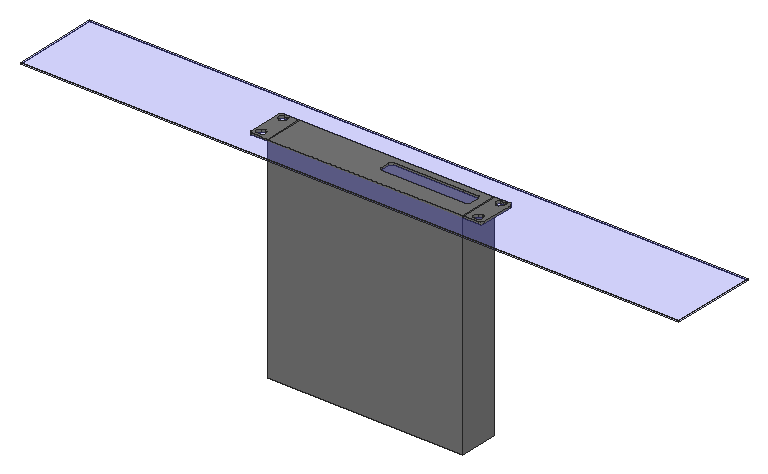
Revit family "QSC SPA4-60 Amplifier Front Facing Rackmount", category Generic Models, host Face, Revit 2014
Parameters (values of type "SPA4-60 @ 100VAC")
  Width = 8.663"  # constant formula
  Weight Product (lb) = 4  # constant formula
  Weight Product (kg) = 1.4  # constant formula
  Weight Dimensional (lb) = 6.5  # constant formula
  Weight Dimensional (kg) = 2.5  # constant formula
  Voltage AC = "100-240 at 50-60 Hz"  # constant formula
  URL = "http://qsc.com/products/Power_Amplifiers/Spa_Series/SPA4-60/"
  Sustainability Rating = "Energy Star"  # constant formula
  Show Right Ear Short [instance] = yes
  Show Right Ear Long [instance] = no
  Show Left Ear Short [instance] = yes
  Show Left Ear Long [instance] = no
  Regulatory Compliance = "UL, CE, RoHS/WEEE, FCC Class B"  # constant formula
  Product Page URL = "http://qsc.com/products/Power_Amplifiers/Spa_Series/SPA4-60/\r\n\r\n\r\n."
  Product Documentation Link = "http://qsc.com/files/8714/4192/0733/SPA_Series_Specsheet_English.pdf"
  Power Standby = 24  # constant formula
  Power Peak = 170
  Power Active = 130
  Model = "SPA4-60"
  Manufacturer URL = "http://www.qscaudio.com"
  Manufacturer = "QSC Audio Products, LLC"  # constant formula
  Height = 1.730"  # constant formula
  Heat Load Standby = 33  # constant formula
  Heat Load Active = 103  # constant formula
  Face Depth = 0.0788"
  Description = "4 Channel 60 Watt/Channel Amplfier"
  Depth = 9.48819"  # constant formula
  Default Elevation = 0.000"
  Current Draw = 1.7
  Enclosure Material [instance] = Dark Gray Finish
  Amp Only Width = 8.663"  # constant formula
Types (4): name | Power Peak | Power Active | Current Draw
  (no name) | 170 | 130 | 1.7
  SPA4-60 @ 100VAC | 170 | 130 | 1.7
  SPA4-60 @ 120VAC | 180 | 132 | 1.5
  SPA4-60 @ 230VAC | 184 | 184 | 0.8
Reference planes (in)
  plane 1 "Center (Front/Back)": y = 0
  plane 2: z = 0
  plane 3 "Center (Left/Right)": x = 0
  plane 4 "Left": x = -4.3315
  plane 5 "Right": x = 4.3315
  plane 6 "Top": y = 0.865
  plane 7 "Bottom": y = -0.865
  plane 8 "Back": z = -9.40939
  plane 9 "Right Extend Ear": x = 13.8135
  plane 10 "Left Extend Ear": x = -13.8135
  plane 11 "Left Short Ear": x = -5.1529
  plane 12 "Right Short Ear": x = 5.1529
  plane 13 "Front": z = 0.0788
Forms (in)
  Extrusion 1, solid, material "Glass"
    sketch origin (0, 0, 0) x (1, 0, 0) y (0, 1, 0)
      loop
        line (-14.5, 1.9685) -> (-14.5, -1.88975) -> (14.73031, -1.88975) -> (14.73031, 1.9685) -> (-14.5, 1.9685)
    from 0 to -0.079
  Extrusion 2, solid, material "Dark Gray Finish" <- "Enclosure Material"
    sketch origin (0, -0.865, 0) x (-1, 0, 0) y (0, 0, 1)
      loop
        line (4.3315, 0.0788) -> (-4.3315, 0.0788) -> (-4.3315, -9.40939) -> (4.3315, -9.40939) -> (4.3315, 0.0788)
    from 0 to 1.73 <- "Height"
  Extrusion 3, void
    sketch origin (0, 0, -9.40939) x (-1, 0, 0) y (0, -1, 0)
      loop
        line (-4.13103, -0.64625) -> (-3.52079, -0.64625) -> (-3.52079, -0.33317) -> (-4.13103, -0.33317) -> (-4.13103, -0.64625)
      loop
        line (-2.87118, -0.33317) -> (-3.48142, -0.33317) -> (-3.48142, -0.64625) -> (-2.87118, -0.64625) -> (-2.87118, -0.33317)
      loop
        line (-2.73547, -0.40133) -> (-2.73547, -0.63567) -> (-2.47484, -0.63567) -> (-2.47484, -0.40133) -> (-2.73547, -0.40133)
      loop
        line (-1.98744, -0.63567) -> (-1.98744, -0.40133) -> (-2.43547, -0.40133) -> (-2.43547, -0.63567) -> (-1.98744, -0.63567)
      loop
        line (-1.8585, -0.40133) -> (-1.8585, -0.63567) -> (-1.50417, -0.63567) -> (-1.50417, -0.40133) -> (-1.8585, -0.40133)
      loop
        line (-1.11047, -0.63567) -> (-1.11047, -0.40133) -> (-1.4648, -0.40133) -> (-1.4648, -0.63567) -> (-1.11047, -0.63567)
      loop
        line (2.83544, -0.39444) -> (3.58439, -0.39444)
        arc (3.58439, -0.39444) -> (3.66726, -0.36012) -> (3.70158, -0.27725) r 0.11719
        line (3.70158, -0.27725) -> (3.70158, 0.04564)
        arc (3.70158, 0.04564) -> (3.69563, 0.07554) -> (3.6787, 0.10088) r 0.07813
        line (3.6787, 0.10088) -> (3.52761, 0.25197)
        arc (3.52761, 0.25197) -> (3.50227, 0.26891) -> (3.47237, 0.27485) r 0.07813
        line (3.47237, 0.27485) -> (2.94654, 0.27485)
        arc (2.94654, 0.27485) -> (2.91664, 0.26891) -> (2.89129, 0.25197) r 0.07813
        line (2.89129, 0.25197) -> (2.74021, 0.10088)
        arc (2.74021, 0.10088) -> (2.72327, 0.07554) -> (2.71733, 0.04564) r 0.07813
        line (2.71733, 0.04564) -> (2.71733, -0.27633)
        arc (2.71733, -0.27633) -> (2.75192, -0.35985) -> (2.83544, -0.39444) r 0.11811
      loop
        line (-2.73547, -0.10133) -> (-2.73547, -0.33567) -> (-2.47484, -0.33567) -> (-2.47484, -0.10133) -> (-2.73547, -0.10133)
      loop
        line (-1.98744, -0.33567) -> (-1.98744, -0.10133) -> (-2.43547, -0.10133) -> (-2.43547, -0.33567) -> (-1.98744, -0.33567)
      loop
        line (-1.8585, -0.10133) -> (-1.8585, -0.33567) -> (-1.50417, -0.33567) -> (-1.50417, -0.10133) -> (-1.8585, -0.10133)
      loop
        line (-1.11047, -0.33567) -> (-1.11047, -0.10133) -> (-1.4648, -0.10133) -> (-1.4648, -0.33567) -> (-1.11047, -0.33567)
      loop
        line (-4.13103, 0.35375) -> (-3.52079, 0.35375) -> (-3.52079, 0.66683) -> (-4.13103, 0.66683) -> (-4.13103, 0.35375)
      loop
        line (-2.87118, 0.66683) -> (-3.48142, 0.66683) -> (-3.48142, 0.35375) -> (-2.87118, 0.35375) -> (-2.87118, 0.66683)
    from 0 to 0.19685
  Extrusion 4, void
    sketch origin (-16.617, -180, 0.0788) x (0, -1, 0) y (-1, 0, 0)
      loop
        line (-180.55192, -16.7645) -> (-180.55192, -20.46917)
        arc (-180.55192, -20.46917) -> (-180.50615, -20.57966) -> (-180.39567, -20.62542) r 0.15625
        line (-180.39567, -20.62542) -> (-180.03888, -20.62542)
        arc (-180.03888, -20.62542) -> (-179.92839, -20.57966) -> (-179.88263, -20.46917) r 0.15625
        line (-179.88263, -20.46917) -> (-179.88263, -16.7645)
        arc (-179.88263, -16.7645) -> (-179.92839, -16.65402) -> (-180.03888, -16.60825) r 0.15625
        line (-180.03888, -16.60825) -> (-180.39567, -16.60825)
        arc (-180.39567, -16.60825) -> (-180.50615, -16.65402) -> (-180.55192, -16.7645) r 0.15625
    from 0 to 0.079
  Extrusion 5, solid, material "Dark Gray Finish" <- "Enclosure Material", visible <- "Show Left Ear Short"
    sketch origin (0, 0, 0) x (1, 0, 0) y (0, 1, 0)
      loop
        arc (-5.02784, 0.865) -> (-5.11623, 0.82839) -> (-5.1529, 0.74) r 0.125
        line (-5.1529, 0.74) -> (-5.15284, -0.74)
        arc (-5.15284, -0.74) -> (-5.11623, -0.82839) -> (-5.02784, -0.865) r 0.125
        line (-5.02784, -0.865) -> (-4.3315, -0.865) -> (-4.3315, 0.865) -> (-5.02784, 0.865)
      loop
        line (-4.7552, 0.76559) -> (-4.893, 0.76559)
        arc (-4.893, 0.76559) -> (-5.0266, 0.64002) -> (-4.90953, 0.4989) r 0.13386
        arc (-4.90953, 0.4989) -> (-4.8241, 0.41343) -> (-4.73867, 0.4989) r 0.08543
        arc (-4.73867, 0.4989) -> (-4.6216, 0.64002) -> (-4.7552, 0.76559) r 0.13386
      loop
        arc (-4.7552, -0.75213) -> (-4.6216, -0.62655) -> (-4.73867, -0.48543) r 0.13386
        arc (-4.73867, -0.48543) -> (-4.8241, -0.39996) -> (-4.90953, -0.48543) r 0.08543
        arc (-4.90953, -0.48543) -> (-5.0266, -0.62655) -> (-4.893, -0.75213) r 0.13386
        line (-4.893, -0.75213) -> (-4.7552, -0.75213)
    from 0 to 0.0788 <- "Face Depth"
  Extrusion 6, solid, material "Dark Gray Finish" <- "Enclosure Material", visible <- "Show Right Ear Short"
    sketch origin (0, 0, 0) x (-1, 0, 0) y (0, -1, 0)
      loop
        line (-5.02784, -0.865) -> (-4.3315, -0.865) -> (-4.3315, 0.865) -> (-5.02784, 0.865)
        arc (-5.02784, 0.865) -> (-5.11623, 0.82839) -> (-5.15284, 0.74) r 0.125
        line (-5.15284, 0.74) -> (-5.1529, -0.74)
        arc (-5.1529, -0.74) -> (-5.11623, -0.82839) -> (-5.02784, -0.865) r 0.125
      loop
        arc (-4.7552, -0.76559) -> (-4.6216, -0.64002) -> (-4.73867, -0.4989) r 0.13386
        arc (-4.73867, -0.4989) -> (-4.8241, -0.41343) -> (-4.90953, -0.4989) r 0.08543
        arc (-4.90953, -0.4989) -> (-5.0266, -0.64002) -> (-4.893, -0.76559) r 0.13386
        line (-4.893, -0.76559) -> (-4.7552, -0.76559)
      loop
        line (-4.7552, 0.75213) -> (-4.893, 0.75213)
        arc (-4.893, 0.75213) -> (-5.0266, 0.62655) -> (-4.90953, 0.48543) r 0.13386
        arc (-4.90953, 0.48543) -> (-4.8241, 0.39996) -> (-4.73867, 0.48543) r 0.08543
        arc (-4.73867, 0.48543) -> (-4.6216, 0.62655) -> (-4.7552, 0.75213) r 0.13386
    from 0 to 0.0788 <- "Face Depth"
  Extrusion 7, solid, material "Dark Gray Finish" <- "Enclosure Material", visible <- "Show Right Ear Long"
    sketch origin (0, 0, 0) x (-1, 0, 0) y (0, -1, 0)
      loop
        arc (-13.55582, -0.49787) -> (-13.68968, -0.63173) -> (-13.55582, -0.76559) r 0.13386
        line (-13.55582, -0.76559) -> (-13.41803, -0.76559)
        arc (-13.41803, -0.76559) -> (-13.28417, -0.63173) -> (-13.41803, -0.49787) r 0.13386
        line (-13.41803, -0.49787) -> (-13.55582, -0.49787)
      loop
        arc (-13.55582, 0.75213) -> (-13.68968, 0.61827) -> (-13.55582, 0.48441) r 0.13386
        line (-13.55582, 0.48441) -> (-13.41803, 0.48441)
        arc (-13.41803, 0.48441) -> (-13.28417, 0.61827) -> (-13.41803, 0.75213) r 0.13386
        line (-13.41803, 0.75213) -> (-13.55582, 0.75213)
      loop
        line (-13.8135, 0.74) -> (-13.8135, -0.74)
        arc (-13.8135, -0.74) -> (-13.77689, -0.82839) -> (-13.6885, -0.865) r 0.125
        line (-13.6885, -0.865) -> (-4.3315, -0.865) -> (-4.3315, 0.865) -> (-13.6885, 0.865)
        arc (-13.6885, 0.865) -> (-13.77689, 0.82839) -> (-13.8135, 0.74) r 0.125
    from 0 to 0.0788 <- "Face Depth"
  Extrusion 8, solid, material "Dark Gray Finish" <- "Enclosure Material", visible <- "Show Left Ear Long"
    sketch origin (0, 0, 0) x (1, 0, 0) y (0, 1, 0)
      loop
        line (-13.55582, 0.49787) -> (-13.41803, 0.49787)
        arc (-13.41803, 0.49787) -> (-13.28417, 0.63173) -> (-13.41803, 0.76559) r 0.13386
        line (-13.41803, 0.76559) -> (-13.55582, 0.76559)
        arc (-13.55582, 0.76559) -> (-13.68968, 0.63173) -> (-13.55582, 0.49787) r 0.13386
      loop
        line (-13.55582, -0.75213) -> (-13.41803, -0.75213)
        arc (-13.41803, -0.75213) -> (-13.28417, -0.61827) -> (-13.41803, -0.48441) r 0.13386
        line (-13.41803, -0.48441) -> (-13.55582, -0.48441)
        arc (-13.55582, -0.48441) -> (-13.68968, -0.61827) -> (-13.55582, -0.75213) r 0.13386
      loop
        arc (-13.8135, -0.74) -> (-13.77689, -0.82839) -> (-13.6885, -0.865) r 0.125
        line (-13.6885, -0.865) -> (-4.3315, -0.865) -> (-4.3315, 0.865) -> (-13.6885, 0.865)
        arc (-13.6885, 0.865) -> (-13.77689, 0.82839) -> (-13.8135, 0.74) r 0.125
        line (-13.8135, 0.74) -> (-13.8135, -0.74)
    from 0 to 0.0788 <- "Face Depth"
Cuts and joins
  Extrusion 3, Extrusion 4 cuts Extrusion 2
Lines and regions (in)
  model lines, style "GenericModel", not visible, detail levels fine
    curve 1: line (13.55599, -1.01274, 0.03125) -> (13.46873, -0.89778, 0.03125)
    curve 2: line (13.46873, -0.89778, 0.03125) -> (13.55599, -1.01274, 0.03125)
    curve 3: line (13.15237, -0.99839, 0.03125) -> (13.18534, -0.8798, 0.03125)
    curve 4: line (13.18534, -0.8798, 0.03125) -> (13.15237, -0.99839, 0.03125)
    curve 5: line (13.20744, -1.07691, 0.03125) -> (13.18283, -0.85745, 0.03125)
    curve 6: line (13.18283, -0.85745, 0.03125) -> (13.20744, -1.07691, 0.03125)
    curve 7: line (13.67283, -0.92336, 0.03125) -> (13.75064, -0.98053, 0.03125)
    curve 8: line (13.75064, -0.98053, 0.03125) -> (13.67283, -0.92336, 0.03125)
    curve 25: line (-3.35339, 0.42119, 0) -> (-3.44988, 0.54832, 0)
    curve 26: line (-3.44988, 0.54832, 0) -> (-3.35339, 0.42119, 0)
    curve 27: line (-3.7997, 0.43707, 0) -> (-3.76325, 0.5682, 0)
    curve 28: line (-3.76325, 0.5682, 0) -> (-3.7997, 0.43707, 0)
    curve 29: line (-3.73881, 0.35024, 0) -> (-3.76602, 0.59291, 0)
    curve 30: line (-3.76602, 0.59291, 0) -> (-3.73881, 0.35024, 0)
    curve 31: line (-3.22419, 0.52002, 0) -> (-3.13815, 0.45681, 0)
    curve 32: line (-3.13815, 0.45681, 0) -> (-3.22419, 0.52002, 0)
    curve 45: line (-3.35339, 0.42119, 0.0788) -> (-3.44988, 0.54832, 0.0788)
    curve 46: line (-3.44988, 0.54832, 0.0788) -> (-3.35339, 0.42119, 0.0788)
    curve 47: line (-3.7997, 0.43707, 0.0788) -> (-3.76325, 0.5682, 0.0788)
    curve 48: line (-3.76325, 0.5682, 0.0788) -> (-3.7997, 0.43707, 0.0788)
    curve 49: line (-3.73881, 0.35024, 0.0788) -> (-3.76602, 0.59291, 0.0788)
    curve 50: line (-3.76602, 0.59291, 0.0788) -> (-3.73881, 0.35024, 0.0788)
    curve 51: line (-3.22419, 0.52002, 0.0788) -> (-3.13815, 0.45681, 0.0788)
    curve 52: line (-3.13815, 0.45681, 0.0788) -> (-3.22419, 0.52002, 0.0788)
  model lines, not visible
    curve 9: arc (-4.09496, -0.0625, 1.79211) -> (-3.79966, 0.2328, 1.79211) -> (-3.50436, -0.0625, 1.79211) r 0.2953
    curve 10: arc (-3.50436, -0.0625, 1.79211) -> (-3.79966, -0.3578, 1.79211) -> (-4.09496, -0.0625, 1.79211) r 0.2953
    curve 11: arc (2.90932, 0.1875, 1.79211) -> (3.51952, 0.7977, 1.79211) -> (4.12972, 0.1875, 1.79211) r 0.6102
    curve 12: arc (4.12972, 0.1875, 1.79211) -> (3.51952, -0.4227, 1.79211) -> (2.90932, 0.1875, 1.79211) r 0.6102
    curve 13: line (2.1373, 0.9632, 1.79211) -> (2.1373, -0.8138, 1.79211)
    curve 14: line (2.1373, -0.8138, 1.79211) -> (-0.6525, -0.8138, 1.79211)
    curve 15: line (-0.6525, -0.8138, 1.79211) -> (-0.6525, 0.9632, 1.79211)
    curve 16: line (-0.6525, 0.9632, 1.79211) -> (2.1373, 0.9632, 1.79211)
    curve 37: line (-0.04, 0.55192, 0) -> (3.97575, 0.55192, 0)
    curve 38: line (-0.04, -0.11737, 0) -> (-0.04, 0.55192, 0)
    curve 39: line (3.97575, -0.11737, 0) -> (-0.04, -0.11737, 0)
    curve 40: line (3.97575, 0.55192, 0) -> (3.97575, -0.11737, 0)
  model lines, style "GenericModel", detail levels fine
    curve 17: line (-3.29089, 0.35869, 0.0788) -> (-3.38738, 0.48582, 0.0788)
    curve 18: line (-3.38738, 0.48582, 0.0788) -> (-3.29089, 0.35869, 0.0788)
    curve 19: line (-3.7372, 0.37457, 0.0788) -> (-3.70075, 0.5057, 0.0788)
    curve 20: line (-3.70075, 0.5057, 0.0788) -> (-3.7372, 0.37457, 0.0788)
    curve 21: line (-3.67631, 0.28774, 0.0788) -> (-3.70352, 0.53041, 0.0788)
    curve 22: line (-3.70352, 0.53041, 0.0788) -> (-3.67631, 0.28774, 0.0788)
    curve 23: line (-3.16169, 0.45752, 0.0788) -> (-3.07565, 0.39431, 0.0788)
    curve 24: line (-3.07565, 0.39431, 0.0788) -> (-3.16169, 0.45752, 0.0788)
  model lines
    curve 33: line (0.1475, 0.55192, 0) -> (3.85217, 0.55192, 0)
    curve 34: line (-0.00875, 0.03888, 0) -> (-0.00875, 0.39567, 0)
    curve 35: line (3.85217, -0.11737, 0) -> (0.1475, -0.11737, 0)
    curve 36: line (4.00842, 0.39567, 0) -> (4.00842, 0.03888, 0)
    curve 41: arc (-0.00875, 0.39567, 0) -> (0.03701, 0.50615, 0) -> (0.1475, 0.55192, 0) r 0.15625
    curve 42: arc (-0.00875, 0.03888, 0) -> (0.03701, -0.07161, 0) -> (0.1475, -0.11737, 0) r 0.15625
    curve 43: arc (3.85217, -0.11737, 0) -> (3.96265, -0.07161, 0) -> (4.00842, 0.03888, 0) r 0.15625
    curve 44: arc (4.00842, 0.39567, 0) -> (3.96265, 0.50615, 0) -> (3.85217, 0.55192, 0) r 0.15625
Dimensions and locks (in)
  equal spacing: plane 6 "Top", plane 1 "Center (Front/Back)", plane 7 "Bottom"
  "Height": plane 6 "Top" to plane 7 "Bottom"
  equal spacing: plane 4 "Left", plane 3 "Center (Left/Right)", plane 5 "Right"
  "Width": plane 4 "Left" to plane 5 "Right"
  plane 4 "Left" to plane 5 "Right" = 8.663"
  plane 5 "Right" to plane 9 "Right Extend Ear" = 9.482"
  plane 10 "Left Extend Ear" to plane 4 "Left" = 9.482"
  plane 11 "Left Short Ear" to plane 4 "Left" = 0.8214"
  plane 5 "Right" to plane 12 "Right Short Ear" = 0.8214"
  "Face Depth": plane 13 "Front" to plane 2
  "Depth": plane 13 "Front" to plane 8 "Back"
  aligned and locked: plane 2 to Extrusion 1
  aligned and locked: level to Extrusion 1
  aligned and locked: plane 4 "Left" to Extrusion 2 sketch curve
  aligned and locked: plane 8 "Back" to Extrusion 2 sketch curve
  aligned and locked: Extrusion 2 sketch curve to plane 5 "Right"
  aligned and locked: Extrusion 2 sketch curve to plane 13 "Front"
  aligned and locked: Extrusion 5 sketch curve to plane 6 "Top"
  aligned and locked: plane 11 "Left Short Ear" to Extrusion 5 sketch curve
  aligned and locked: cut or joined group of Extrusion 2, Extrusion 3, Extrusion 4 to Extrusion 5 sketch curve
  aligned and locked: Extrusion 5 sketch curve to cut or joined group of Extrusion 2, Extrusion 3, Extrusion 4
  aligned and locked: cut or joined group of Extrusion 2, Extrusion 3, Extrusion 4 to Extrusion 7 sketch curve
  aligned and locked: plane 9 "Right Extend Ear" to Extrusion 7 sketch curve
  aligned and locked: Extrusion 7 sketch curve to plane 7 "Bottom"
  aligned and locked: Extrusion 7 sketch curve to plane 6 "Top"
Automatic sketch dimensions
  curve 34 to curve 34 = 0.35679"
  curve 35 to curve 35 = 3.70467"
  curve 36 to curve 36 = 0.35679"  (x2)
  curve 34 to curve 35 = 3.86408"
  curve 35 to curve 33 = 0.66929"
  curve 23 to curve 24 = 0.000"  (x4)
  curve 24 to curve 23 = 0.10677"
  curve 18 to curve 23 = 0.16267"
  curve 17 to curve 18 = 0.000"  (x5)
  curve 17 to curve 18 = 0.15959"
  curve 18 to curve 17 = 0.000"  (x3)
  curve 21 to curve 17 = 0.35031"
  curve 22 to curve 21 = 0.000"  (x4)
  curve 20 to curve 21 = 0.21933"
  curve 19 to curve 20 = 0.000"  (x4)
  curve 22 to curve 19 = 0.02487"
  curve 21 to curve 22 = 0.000"  (x4)
  curve 19 to curve 21 = 0.10605"
  curve 20 to curve 19 = 0.000"  (x2)
  curve 22 to curve 18 = 0.3919"
  curve 21 to curve 20 = 0.10605"
  curve 17 to curve 23 = 0.21817"
  curve 24 to curve 23 = 0.000"  (x4)
  curve 23 to curve 24 = 0.10677"
  curve 18 to curve 17 = 0.15959"
  curve 20 to curve 20 = 0.13611"
  curve 24 to curve 33 = 3.227"
  curve 22 to curve 33 = 3.83293"
  curve 38 to curve 39 = 4.01575"
  curve 39 to curve 37 = 0.66929"
  curve 31 to curve 32 = 0.000"  (x3)
  curve 32 to curve 31 = 0.08604"
  curve 26 to curve 31 = 0.1292"
  curve 25 to curve 26 = 0.000"  (x2)
  curve 25 to curve 26 = 0.09649"
  curve 26 to curve 25 = 0.000"  (x2)
  curve 29 to curve 25 = 0.28894"
  curve 30 to curve 29 = 0.000"  (x2)
  curve 28 to curve 29 = 0.02444"
  curve 27 to curve 28 = 0.000"  (x2)
  curve 30 to curve 27 = 0.00277"
  curve 29 to curve 30 = 0.000"  (x2)
  curve 27 to curve 29 = 0.06089"
  curve 28 to curve 27 = 0.000"
  curve 30 to curve 26 = 0.07095"
  curve 29 to curve 28 = 0.08683"
  curve 25 to curve 31 = 0.03562"
  curve 32 to curve 31 = 0.000"
  curve 31 to curve 32 = 0.06321"
  curve 26 to curve 25 = 0.12712"
  curve 28 to curve 28 = 0.13113"
  curve 32 to curve 37 = 3.09814"
  curve 30 to curve 37 = 0.20168"
  curve 23 to curve 23 = 0.08604"
  curve 23 to curve 18 = 0.1292"
  curve 17 to curve 17 = 0.09649"
  curve 17 to curve 22 = 0.28894"
  curve 21 to curve 20 = 0.02444"
  curve 19 to curve 21 = 0.00277"
  curve 21 to curve 20 = 0.06089"
  curve 21 to curve 20 = 0.02471"
  curve 19 to curve 18 = 0.01989"
  curve 17 to curve 23 = 0.02829"
  curve 24 to curve 23 = 0.06321"
  curve 17 to curve 18 = 0.12712"
  curve 19 to curve 21 = 0.08683"
  curve 51 to curve 52 = 0.000"
  curve 51 to curve 51 = 0.08604"
  curve 52 to curve 51 = 0.000"  (x3)
  curve 51 to curve 46 = 0.1292"
  curve 45 to curve 46 = 0.000"  (x3)
  curve 45 to curve 45 = 0.09649"
  curve 46 to curve 45 = 0.000"
  curve 45 to curve 50 = 0.28894"
  curve 49 to curve 50 = 0.000"  (x2)
  curve 49 to curve 48 = 0.02444"
  curve 47 to curve 48 = 0.000"  (x2)
  curve 47 to curve 49 = 0.00277"
  curve 50 to curve 49 = 0.000"  (x2)
  curve 49 to curve 48 = 0.06089"
  curve 49 to curve 48 = 0.02471"
  curve 47 to curve 46 = 0.01989"
  curve 45 to curve 51 = 0.02829"
  curve 52 to curve 51 = 0.06321"
  curve 48 to curve 47 = 0.000"
  curve 45 to curve 46 = 0.12712"
  curve 47 to curve 49 = 0.08683"
  curve 34 to plane 3 "Center (Left/Right)" = 0.00875"
  plane 3 "Center (Left/Right)" to curve 35 = 0.1475"
  plane 3 "Center (Left/Right)" to curve 41 = 0.1475"
  curve 44 to plane 5 "Right" = 0.47933"
  plane 1 "Center (Front/Back)" to curve 35 = 0.11737"
  curve 35 to plane 5 "Right" = 0.47933"
  curve 44 to curve 36 = 0.15625"
  Extrusion 1 sketch curve to Extrusion 1 sketch curve = 29.23031"
  Extrusion 1 sketch curve to Extrusion 1 sketch curve = 3.85825"
  Extrusion 3 sketch curve to plane 5 "Right" = 0.20047"  (x2)
  Extrusion 3 sketch curve to plane 6 "Top" = 0.21875"  (x2)
  Extrusion 3 sketch curve to Extrusion 3 sketch curve = 0.61024"  (x4)
  plane 7 "Bottom" to Extrusion 3 sketch curve = 0.19817"  (x2)
  Extrusion 3 sketch curve to Extrusion 3 sketch curve = 0.03937"  (x6)
  Extrusion 3 sketch curve to Extrusion 3 sketch curve = 0.13571"  (x2)
  Extrusion 3 sketch curve to plane 1 "Center (Front/Back)" = 0.10133"  (x3)
  Extrusion 3 sketch curve to Extrusion 3 sketch curve = 0.26063"
  Extrusion 3 sketch curve to Extrusion 3 sketch curve = 0.000"  (x9)
  Extrusion 3 sketch curve to Extrusion 3 sketch curve = 0.44803"
  Extrusion 3 sketch curve to Extrusion 3 sketch curve = 0.12894"
  Extrusion 3 sketch curve to Extrusion 3 sketch curve = 0.35433"  (x2)
  Extrusion 3 sketch curve to plane 1 "Center (Front/Back)" = 0.27633"
  plane 4 "Left" to Extrusion 3 sketch curve = 1.61417"
  plane 1 "Center (Front/Back)" to Extrusion 3 sketch curve = 0.10088"  (x2)
  Extrusion 3 sketch curve to Extrusion 3 sketch curve = 0.02288"
  plane 1 "Center (Front/Back)" to Extrusion 3 sketch curve = 0.04564"  (x2)
  Extrusion 3 sketch curve to Extrusion 3 sketch curve = 0.11811"
  plane 1 "Center (Front/Back)" to Extrusion 3 sketch curve = 0.25197"  (x2)
  Extrusion 3 sketch curve to Extrusion 3 sketch curve = 0.15109"  (x2)
  Extrusion 3 sketch curve to Extrusion 3 sketch curve = 0.05524"  (x4)
  Extrusion 3 sketch curve to Extrusion 3 sketch curve = 0.52583"
  Extrusion 3 sketch curve to Extrusion 3 sketch curve = 0.11202"
  Extrusion 3 sketch curve to plane 6 "Top" = 0.22933"  (x2)
  Extrusion 3 sketch curve to Extrusion 3 sketch curve = 0.23434"  (x3)
  Extrusion 3 sketch curve to Extrusion 3 sketch curve = 0.06566"  (x4)
  Extrusion 3 sketch curve to Extrusion 3 sketch curve = 0.31308"  (x3)
  Extrusion 3 sketch curve to Extrusion 3 sketch curve = 0.0025"
  Extrusion 4 sketch curve to plane 6 "Top" = 0.31308"
  Extrusion 4 sketch curve to Extrusion 4 sketch curve = 0.15625"  (x2)
  Extrusion 4 sketch curve to plane 1 "Center (Front/Back)" = 0.03888"  (x2)
  plane 1 "Center (Front/Back)" to Extrusion 4 sketch curve = 0.11737"
  Extrusion 4 sketch curve to plane 3 "Center (Left/Right)" = 0.00875"
  Extrusion 4 sketch curve to plane 5 "Right" = 0.47933"
  plane 11 "Left Short Ear" to Extrusion 5 sketch curve = 0.12506"  (x2)
  Extrusion 5 sketch curve to Extrusion 5 sketch curve = 0.13484"  (x2)
  Extrusion 5 sketch curve to Extrusion 5 sketch curve = 0.0689"  (x2)
  Extrusion 5 sketch curve to Extrusion 5 sketch curve = 0.1378"  (x2)
  plane 7 "Bottom" to Extrusion 5 sketch curve = 0.11287"
  plane 7 "Bottom" to Extrusion 5 sketch curve = 0.125"
  Extrusion 5 sketch curve to Extrusion 5 sketch curve = 0.13386"  (x2)
  Extrusion 5 sketch curve to Extrusion 5 sketch curve = 0.13287"  (x2)
  Extrusion 5 sketch curve to plane 6 "Top" = 0.36614"
  Extrusion 5 sketch curve to Extrusion 5 sketch curve = 0.000"  (x3)
  Extrusion 5 sketch curve to Extrusion 5 sketch curve = 0.125"
  Extrusion 5 sketch curve to plane 6 "Top" = 0.09941"
  Extrusion 5 sketch curve to Extrusion 5 sketch curve = 0.08543"  (x2)
  Extrusion 6 sketch curve to plane 12 "Right Short Ear" = 0.000"
  Extrusion 6 sketch curve to plane 7 "Bottom" = 0.000"
  Extrusion 6 sketch curve to plane 6 "Top" = 0.000"
  Extrusion 6 sketch curve to plane 5 "Right" = 0.000"
  plane 12 "Right Short Ear" to Extrusion 6 sketch curve = 0.12506"  (x2)
  Extrusion 6 sketch curve to Extrusion 6 sketch curve = 0.13484"  (x2)
  Extrusion 6 sketch curve to Extrusion 6 sketch curve = 0.0689"  (x2)
  Extrusion 6 sketch curve to Extrusion 6 sketch curve = 0.1378"  (x2)
  Extrusion 6 sketch curve to plane 7 "Bottom" = 0.11287"
  Extrusion 6 sketch curve to Extrusion 6 sketch curve = 0.125"
  Extrusion 6 sketch curve to Extrusion 6 sketch curve = 0.13386"  (x2)
  Extrusion 6 sketch curve to Extrusion 6 sketch curve = 0.13287"  (x2)
  plane 6 "Top" to Extrusion 6 sketch curve = 0.36614"
  Extrusion 6 sketch curve to Extrusion 6 sketch curve = 0.000"  (x3)
  plane 6 "Top" to Extrusion 6 sketch curve = 0.125"
  plane 6 "Top" to Extrusion 6 sketch curve = 0.09941"
  Extrusion 6 sketch curve to Extrusion 6 sketch curve = 0.08543"  (x2)
  plane 9 "Right Extend Ear" to Extrusion 7 sketch curve = 0.125"
  Extrusion 7 sketch curve to Extrusion 7 sketch curve = 0.125"
  Extrusion 7 sketch curve to Extrusion 7 sketch curve = 0.13268"  (x2)
  Extrusion 7 sketch curve to Extrusion 7 sketch curve = 0.1378"  (x2)
  Extrusion 7 sketch curve to plane 7 "Bottom" = 0.11287"
  Extrusion 7 sketch curve to Extrusion 7 sketch curve = 0.13386"  (x2)
  Extrusion 7 sketch curve to Extrusion 7 sketch curve = 0.24213"
  Extrusion 8 sketch curve to plane 10 "Left Extend Ear" = 0.000"
  Extrusion 8 sketch curve to plane 6 "Top" = 0.000"
  Extrusion 8 sketch curve to plane 7 "Bottom" = 0.000"
  Extrusion 8 sketch curve to plane 4 "Left" = 0.000"
  plane 10 "Left Extend Ear" to Extrusion 8 sketch curve = 0.125"
  Extrusion 8 sketch curve to Extrusion 8 sketch curve = 0.125"
  Extrusion 8 sketch curve to Extrusion 8 sketch curve = 0.13268"  (x2)
  Extrusion 8 sketch curve to Extrusion 8 sketch curve = 0.1378"  (x2)
  plane 7 "Bottom" to Extrusion 8 sketch curve = 0.11287"
  Extrusion 8 sketch curve to Extrusion 8 sketch curve = 0.13386"  (x2)
  Extrusion 8 sketch curve to Extrusion 8 sketch curve = 0.24213"
Connectors (in)
  electrical at (-3.20953, -0.00035, -9.21254)
    settings: on cut or joined group of Extrusion 2, Extrusion 3, Extrusion 4, index 1, voltage 0 V, apparent load 0 VA, apparent load phase1 0 VA, apparent load phase2 0 VA, apparent load phase3 0 VA, power factor 1, load classification "Other", number of poles 1, system type 31, power factor state 1, is connector primary yes, connector utility no, sub classification motor no, connector description ""
  electrical at (1.28764, 0.5185, -9.21254)
    settings: on cut or joined group of Extrusion 2, Extrusion 3, Extrusion 4, index 2, voltage 0 V, apparent load 0 VA, apparent load phase1 0 VA, apparent load phase2 0 VA, apparent load phase3 0 VA, power factor 1, load classification "Other", number of poles 1, system type 14, power factor state 1, is connector primary no, connector utility no, sub classification motor no, connector description "Input 2"
  electrical at (1.68134, 0.5185, -9.21254)
    settings: on cut or joined group of Extrusion 2, Extrusion 3, Extrusion 4, index 3, voltage 0 V, apparent load 0 VA, apparent load phase1 0 VA, apparent load phase2 0 VA, apparent load phase3 0 VA, power factor 1, load classification "Other", number of poles 1, system type 14, power factor state 1, is connector primary no, connector utility no, sub classification motor no, connector description "Input 1"
  electrical at (2.21146, 0.5185, -9.21254)
    settings: on cut or joined group of Extrusion 2, Extrusion 3, Extrusion 4, index 4, voltage 0 V, apparent load 0 VA, apparent load phase1 0 VA, apparent load phase2 0 VA, apparent load phase3 0 VA, power factor 1, load classification "Other", number of poles 1, system type 14, power factor state 1, is connector primary no, connector utility no, sub classification motor no, connector description "Volume Control"
  electrical at (2.60516, 0.5185, -9.21254)
    settings: on cut or joined group of Extrusion 2, Extrusion 3, Extrusion 4, index 5, voltage 0 V, apparent load 0 VA, apparent load phase1 0 VA, apparent load phase2 0 VA, apparent load phase3 0 VA, power factor 1, load classification "Other", number of poles 1, system type 14, power factor state 1, is connector primary no, connector utility no, sub classification motor no, connector description "Ch 1&2 Standby Control"
  electrical at (3.1763, 0.48971, -9.21254)
    settings: on cut or joined group of Extrusion 2, Extrusion 3, Extrusion 4, index 6, voltage 0 V, apparent load 0 VA, apparent load phase1 0 VA, apparent load phase2 0 VA, apparent load phase3 0 VA, power factor 1, load classification "Other", number of poles 1, system type 14, power factor state 1, is connector primary no, connector utility no, sub classification motor no, connector description "Output 2"
  electrical at (3.82591, 0.48971, -9.21254)
    settings: on cut or joined group of Extrusion 2, Extrusion 3, Extrusion 4, index 7, voltage 0 V, apparent load 0 VA, apparent load phase1 0 VA, apparent load phase2 0 VA, apparent load phase3 0 VA, power factor 1, load classification "Other", number of poles 1, system type 14, power factor state 1, is connector primary no, connector utility no, sub classification motor no, connector description "Output 1"
  electrical at (3.82591, -0.51029, -9.21254)
    settings: on cut or joined group of Extrusion 2, Extrusion 3, Extrusion 4, index 8, voltage 0 V, apparent load 0 VA, apparent load phase1 0 VA, apparent load phase2 0 VA, apparent load phase3 0 VA, power factor 1, load classification "Other", number of poles 1, system type 14, power factor state 1, is connector primary no, connector utility no, sub classification motor no, connector description "Output 3"
  electrical at (3.1763, -0.51029, -9.21254)
    settings: on cut or joined group of Extrusion 2, Extrusion 3, Extrusion 4, index 9, voltage 0 V, apparent load 0 VA, apparent load phase1 0 VA, apparent load phase2 0 VA, apparent load phase3 0 VA, power factor 1, load classification "Other", number of poles 1, system type 14, power factor state 1, is connector primary no, connector utility no, sub classification motor no, connector description "Output 4"
  electrical at (2.60516, 0.2185, -9.21254)
    settings: on cut or joined group of Extrusion 2, Extrusion 3, Extrusion 4, index 10, voltage 0 V, apparent load 0 VA, apparent load phase1 0 VA, apparent load phase2 0 VA, apparent load phase3 0 VA, power factor 1, load classification "Other", number of poles 1, system type 14, power factor state 1, is connector primary no, connector utility no, sub classification motor no, connector description "Ch 3&4 Standby Control"
  electrical at (2.21146, 0.2185, -9.21254)
    settings: on cut or joined group of Extrusion 2, Extrusion 3, Extrusion 4, index 11, voltage 0 V, apparent load 0 VA, apparent load phase1 0 VA, apparent load phase2 0 VA, apparent load phase3 0 VA, power factor 1, load classification "Other", number of poles 1, system type 14, power factor state 1, is connector primary no, connector utility no, sub classification motor no, connector description "Ch 3&4 Volume Control"
  electrical at (1.68134, 0.2185, -9.21254)
    settings: on cut or joined group of Extrusion 2, Extrusion 3, Extrusion 4, index 12, voltage 0 V, apparent load 0 VA, apparent load phase1 0 VA, apparent load phase2 0 VA, apparent load phase3 0 VA, power factor 1, load classification "Other", number of poles 1, system type 14, power factor state 1, is connector primary no, connector utility no, sub classification motor no, connector description "Input 3"
  electrical at (1.28764, 0.2185, -9.21254)
    settings: on cut or joined group of Extrusion 2, Extrusion 3, Extrusion 4, index 13, voltage 0 V, apparent load 0 VA, apparent load phase1 0 VA, apparent load phase2 0 VA, apparent load phase3 0 VA, power factor 1, load classification "Other", number of poles 1, system type 14, power factor state 1, is connector primary no, connector utility no, sub classification motor no, connector description "Input 4"
